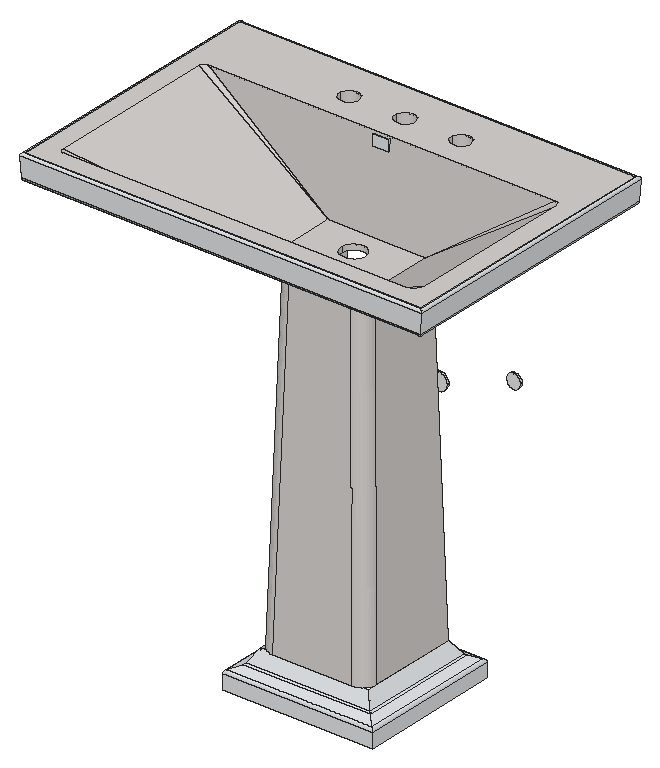
Revit family "Lavatory-TOTO-Contemporary-Lloyd-LPT930.8", category Plumbing Fixtures, host Face, Revit 2013
Parameters
  ecoScorecard_data = "http://toto.ecoscorecard.com/product/LPT930"
  ecoScorecard Product Page = "http://toto.ecoscorecard.com/product/LPT930"
  Width = 28 3/4"
  Waste Connection Radius = 5/8"
  Warranty URL = "http://www.totousa.com/warranty-registration"
  Warranty = "One Year Limited Warranty"  # constant formula
  URL = "http://www.totousa.com"
  Toto BIM Number = "BM-00347"  # constant formula
  Subcategory = "Lavatories"  # constant formula
  Style = "Contemporary"  # constant formula
  Spec Sheet URL = "http://assets.totousa.com/product-files/SS-00279_LPT930.pdf"
  Sink Type = ""
  Sink Configuration = ""
  Shipping Weight = 53.00 lbf
  Series = "Lloyd"  # constant formula
  SanoGloss Available = no
  Sanitary Connector = "Sanitary Connection"  # constant formula
  Product Page URL = " "
  Parts Manual URL = " "
  Mounting = ""
  Model = "LPT930.8"
  Material = "Fired clay china"
  Manufacturer Phone - Toll Free = "1-888-295-8134"  # constant formula
  Manufacturer Phone = "(770) 282-8686"  # constant formula
  Manufacturer Fax = "(770) 282-0002"  # constant formula
  Manufacturer Email = "mailto:custservice@totousa.com"
  Manufacturer Address = "1155 Southern Road, Morrow, Georgia 30260"  # constant formula
  Manufacturer = "TOTO USA, Inc."  # constant formula
  Installation URL = " "
  Industry Standards = "Meets and exceeds ASME A112.19.2/CSA B45.1"  # constant formula
  Hot Water Connector = "Hot Water Connection"  # constant formula
  Hot Water Connection Radius = 1/2"
  Height = 34 1/4"
  Finish = Vitreous China - TOTO - 01 Cotton
  Diameter = 0"
  Description = "LloydÂ® Metal Console Lavatory"  # constant formula
  Depth = 19 5/8"
  Default Elevation = 48"
  Cost Info = "mailto:custservice@totousa.com "
  Color Availability = "#01 Cotton, #03 Bone, #11 Colonial White, #12 Sedona Beige, #51 Ebony"  # constant formula
  Cold Water Connector = "Cold Water Connection"  # constant formula
  Cold Water Connection Radius = 1/2"
  Code Compliance = "UPC, IPC, NSPC, NPC Canada, and others"  # constant formula
  Certifications = "IAPMO(cUPC), State of Massachusetts, City of Los Angeles, and others"  # constant formula
  CAD Drawing URL = "http://assets.totousa.com/product-files/AD-00238_LPT930.dxf"
  Basin Width = 26 3/8"
  Basin Diameter = 0"
  Basin Depth = 13 1/4"
  Assembly Code = "D2010310"
  ADA Compliant = no
  95 CSI = "15410"  # constant formula
  04 CSI = "22 42 16"  # constant formula
Types (2): name | ecoScorecard_data | ecoScorecard Product Page
  (no name) | "http://toto.ecoscorecard.com/product/LPT930" | "http://toto.ecoscorecard.com/product/LPT930"
  LPT930.8 | " " | "  "
Reference planes
  plane 1 "Center (Front/Back)": y = 0
  plane 2: z = 0
  plane 3 "Center (Left/Right)": x = 0
  plane 4: x = -365.125
  plane 5: x = 365.125
  plane 6: y = 193.675
  plane 7: y = -304.8
  plane 8: z = 869.95
Dimensions and locks
  equal spacing: plane 4, plane 3 "Center (Left/Right)", plane 5
  "Width": plane 4 to plane 5
  "Depth": plane 6 to plane 7
  "Height": plane 8 to level
  aligned and locked: plane 2 to host face
  aligned and locked: level to host face
  aligned and locked: plane 3 "Center (Left/Right)" to nested 1
  aligned and locked: plane 1 "Center (Front/Back)" to nested 1
Automatic sketch dimensions
  host sketch curve to host sketch curve = 96"  (x2)
Nested families
  nested 1: "930" at (0, 0, 0), type "930"
Connectors
  piping at (-136.525, 193.675, 457.2), driven by "Cold Water Connection Radius", driven by "Cold Water Connector"
    settings: on nested 1, index 1, connector radius 1/2", flow factor 0, pipe flow 0 GPM, pressure drop 0.00 psi, fitting loss kfactor 0, connector angle 0.00°, fixture units 0, engagement length 0", flow configuration 3, flow direction 1, fitting loss method 4, system type 20, joint type 0, gender type 0, connector reference index -1, connector utility 0, adjustable connector no, is connector primary yes, fitting loss table "", connector description "Cold Water Connection"
  piping at (136.525, 193.675, 457.2), driven by "Hot Water Connection Radius", driven by "Hot Water Connector"
    settings: on nested 1, index 2, connector radius 1/2", flow factor 0, pipe flow 0 GPM, pressure drop 0.00 psi, fitting loss kfactor 0, connector angle 0.00°, fixture units 0, engagement length 0", flow configuration 3, flow direction 1, fitting loss method 4, system type 19, joint type 0, gender type 0, connector reference index -1, connector utility 0, adjustable connector no, is connector primary no, fitting loss table "", connector description "Hot Water Connection"
  piping at (0, 193.675, 409.575), driven by "Waste Connection Radius", driven by "Sanitary Connector"
    settings: on nested 1, index 3, connector radius 5/8", flow factor 0, pipe flow 0 GPM, pressure drop 0.00 psi, fitting loss kfactor 0, connector angle 0.00°, fixture units 0, engagement length 0", flow configuration 3, flow direction 2, fitting loss method 4, system type 16, joint type 0, gender type 0, connector reference index -1, connector utility 0, adjustable connector no, is connector primary no, fitting loss table "", connector description "Sanitary Connection"
Definition of nested family "930"
  Parameters (values of type "930")
    Width = 28 3/4"
    URL = ""
    Finish = Ceramic - TOTO - 03 Bone
    Pipe Offset = 4"
    Manufacturer = ""
    Height = 0"
    Description = ""
    Depth = 0"
    Default Elevation = 0"
    Assembly Code = ""
  Reference planes
    plane 1 "Center (Front/Back)": y = 0
    plane 2: z = 0
    plane 3 "Center (Left/Right)": x = 0
    plane 4: x = 365.125
    plane 5: x = -365.125
    plane 6: y = 193.675
    plane 7: y = -304.8
    plane 8: y = -274.638
    plane 9: y = 61.912
    plane 10: x = -334.962
    plane 11: x = 334.866
    plane 12: x = 334.963
    plane 13: x = -91.036
    plane 14: x = 91.036
    plane 15: y = 89.846
    plane 16: y = -89.846
    plane 17: x = -73.821
    plane 18: x = 73.821
    plane 19: y = 74.495
    plane 20: y = -71.955
    plane 21: x = 107.999
    plane 22: x = -107.999
    plane 23: y = 108.543
    plane 24: y = -109.392
    plane 25: x = 136.179
    plane 26: x = -136.179
    plane 27: y = 130.543
    plane 28: y = -129.454
    plane 29: z = 869.95
    plane 30: x = -50.8
    plane 31: x = 50.8
    plane 32: z = 409.575
    plane 33: z = 457.2
    plane 34: x = -136.525
    plane 35: x = 136.525
    plane 36: y = 190.5
  Forms (mm)
    Extrusion 1, solid
      sketch origin (0, 0, 0) x (1, 0, 0) y (0, 1, 0)
        loop
          line (-1219.2, 1219.2) -> (-1219.2, -1219.2) -> (1219.2, -1219.2) -> (1219.2, 1219.2) -> (-1219.2, 1219.2)
      from 0 to -304.8
    SweptBlend 2, solid, material "Ceramic - TOTO - 03 Bone", detail levels medium+fine
      path origin (0, 0, 0) x (1, 0, 0) y (0, 0, 1)
        loop
          line (0, 64.999) -> (0, 702.992)
      profile origin (0, 0, 64.999) x (-1, 0, 0) y (0, -1, 0)
        loop
          line (-71.986, 89.846) -> (71.986, 89.846)
          arc (71.986, 89.846) -> (85.456, 84.266) -> (91.036, 70.796) r 19.05
          line (91.036, 70.796) -> (91.036, -89.846) -> (97.386, -89.846) -> (97.386, 70.796)
          arc (97.386, 70.796) -> (89.946, 88.756) -> (71.986, 96.196) r 25.4
          line (71.986, 96.196) -> (-71.986, 96.196)
          arc (-71.986, 96.196) -> (-89.946, 88.756) -> (-97.386, 70.796) r 25.4
          line (-97.386, 70.796) -> (-97.386, -89.846) -> (-91.036, -89.846) -> (-91.036, 70.796)
          arc (-91.036, 70.796) -> (-85.456, 84.266) -> (-71.986, 89.846) r 19.05
      end profile origin (0, 0, 702.992) x (-1, 0, 0) y (0, -1, 0)
        loop
          arc (54.771, 71.955) -> (68.242, 66.375) -> (73.821, 52.905) r 19.05
          line (73.821, 52.905) -> (73.821, -74.495) -> (80.171, -74.495) -> (80.171, 52.905)
          arc (80.171, 52.905) -> (72.732, 70.865) -> (54.771, 78.305) r 25.4
          line (54.771, 78.305) -> (-54.771, 78.305)
          arc (-54.771, 78.305) -> (-72.732, 70.865) -> (-80.171, 52.905) r 25.4
          line (-80.171, 52.905) -> (-80.171, -74.495) -> (-73.821, -74.495) -> (-73.821, 52.905)
          arc (-73.821, 52.905) -> (-68.242, 66.375) -> (-54.771, 71.955) r 19.05
          line (-54.771, 71.955) -> (54.771, 71.955)
    Sweep 3, solid, material "Ceramic - TOTO - 03 Bone" <- "Finish", detail levels medium+fine
      path origin (0, 0, 0) x (1, 0, 0) y (0, 1, 0)
        loop
          line (-136.179, -129.454) -> (136.179, -129.454) -> (136.179, 130.543) -> (-136.179, 130.543) -> (-136.179, -129.454)
      profile origin (-136.179, 0.544, 0) x (-1, 0, 0) y (0, 0, 1)
        loop
          line (0, 0) -> (0, 25.448)
          arc (0, 25.448) -> (-1.132, 29.264) -> (-4.16, 31.846) r 7
          line (-4.16, 31.846) -> (-20.596, 39.14)
          arc (-20.596, 39.14) -> (-22.36, 40.215) -> (-23.79, 41.706) r 8
          line (-23.79, 41.706) -> (-38.793, 64.999) -> (-38.793, 0) -> (0, 0)
    Blend 4, void
      base sketch origin (1.587, -52.504, 3.437) x (1, 0, 0) y (0, 1, 0)
        loop
          line (-79.536, -27.899) -> (77.72, -27.899)
          arc (77.72, -27.899) -> (84.668, -25.021) -> (87.545, -18.073) r 9.825
          line (87.545, -18.073) -> (87.545, 101.116) -> (-89.359, 101.116) -> (-89.359, -18.076)
          arc (-89.359, -18.076) -> (-86.482, -25.022) -> (-79.536, -27.899) r 9.823
      top sketch origin (1.587, -52.504, 3.437) x (1, 0, 0) y (0, 1, 0)
        loop
          arc (310.565, -222.134) -> (326.694, -215.453) -> (333.375, -199.324) r 22.81
          line (333.375, -199.324) -> (333.375, 104.81)
          arc (333.375, 104.81) -> (330.561, 111.602) -> (323.769, 114.416) r 9.606
          line (323.769, 114.416) -> (-326.944, 114.416)
          arc (-326.944, 114.416) -> (-333.736, 111.602) -> (-336.55, 104.81) r 9.606
          line (-336.55, 104.81) -> (-336.55, -212.114)
          arc (-336.55, -212.114) -> (-333.615, -219.199) -> (-326.53, -222.134) r 10.02
          line (-326.53, -222.134) -> (310.565, -222.134)
      from 701.112 to 873.91
    Extrusion 5, void
      sketch origin (0.397, -52.107, 3.437) x (1, 0, 0) y (0, 1, 0)
        loop
          circle (-0.907, 50.141) r 22.062
      from 645 to 737.553
    Extrusion 6, void
      sketch origin (0, -62.029, 3.437) x (1, 0, 0) y (0, 1, 0)
        loop
          circle (0, 176.497) r 17.549
        loop
          circle (-101.6, 176.497) r 17.549
        loop
          circle (101.6, 176.497) r 17.549
      from 828.251 to 873.91
    Extrusion 7, solid, material "Ceramic - TOTO - 03 Bone", detail levels medium+fine
      sketch origin (0, 181.848, 846.397) x (1, 0, 0) y (0, 0, 1)
        loop
          line (-360.04, 23.678) -> (-359.197, -21.322) -> (359.197, -21.322) -> (360.04, 23.678) -> (-360.04, 23.678)
      from -6.741 to 481.563
    Extrusion 8, solid, material "Ceramic - TOTO - 03 Bone", detail levels medium+fine
      sketch origin (0, 0, -7.917) x (0, 1, 0) y (0, 0, 1)
        loop
          arc (-93.638, 704.279) -> (-91.89, 703.322) -> (-89.925, 702.992) r 6
          line (-89.925, 702.992) -> (74.495, 702.992)
          arc (74.495, 702.992) -> (76.442, 708.799) -> (77.431, 714.844) r 38
          line (77.431, 714.844) -> (79.389, 738.833) -> (161.039, 738.833)
          arc (161.039, 738.833) -> (164.462, 737.478) -> (166.029, 734.148) r 5
          line (166.029, 734.148) -> (167.405, 712.362)
          arc (167.405, 712.362) -> (170.54, 705.701) -> (177.385, 702.992) r 10
          line (177.385, 702.992) -> (185.422, 702.992) -> (188.589, 712.082) -> (188.589, 832.992) -> (-256.377, 832.992)
          arc (-256.377, 832.992) -> (-255.813, 832.178) -> (-255.099, 831.491) r 5
          line (-255.099, 831.491) -> (-93.638, 704.279)
      from -311.339 to 311.406
    Extrusion 9, void
      sketch origin (0, 0, -7.917) x (1, 0, 0) y (0, 0, 1)
        loop
          line (-85.586, 699.817) -> (-311.339, 834.385) -> (-311.339, 699.817) -> (-85.586, 699.817)
        loop
          line (85.586, 699.817) -> (311.406, 699.817) -> (311.406, 834.425) -> (85.586, 699.817)
      from -193.675 to 256.377
    Sweep 10, solid, material "Ceramic - TOTO - 03 Bone" <- "Finish", detail levels medium+fine
      path origin (0, 0, -7.917) x (1, 0, 0) y (0, 1, 0)
        loop
          line (-365.125, 193.675) -> (-365.125, -304.8) -> (365.125, -304.8) -> (365.125, 193.675) -> (-365.125, 193.675)
      profile origin (-365.125, -55.563, -7.917) x (1, 0, 0) y (0, 0, 1)
        loop
          arc (1.933, 836.792) -> (3.172, 834.094) -> (5.928, 832.992) r 4
          line (5.928, 832.992) -> (5.086, 877.983)
          arc (5.086, 877.983) -> (1.472, 876.432) -> (0.106, 872.745) r 4.986
          line (0.106, 872.745) -> (1.933, 836.792)
    Extrusion 11, solid, material "Ceramic - TOTO - 03 Bone" <- "Finish", detail levels coarse
      sketch origin (0, 0, 0) x (1, 0, 0) y (0, 1, 0)
        loop
          line (-365.125, 193.675) -> (-365.125, -304.8) -> (365.125, -304.8) -> (365.125, 193.675) -> (-365.125, 193.675)
      from 695.074 to 869.95
    Extrusion 12, solid, material "Ceramic - TOTO - 03 Bone" <- "Finish", detail levels coarse
      sketch origin (0, 0, 0) x (1, 0, 0) y (0, 1, 0)
        loop
          line (-136.179, -129.454) -> (136.179, -129.454) -> (136.179, 130.543) -> (-136.179, 130.543) -> (-136.179, -129.454)
      from 41.706 to 0
    Extrusion 13, solid, material "Ceramic - TOTO - 03 Bone" <- "Finish", detail levels coarse
      sketch origin (0, 0, 0) x (1, 0, 0) y (0, 1, 0)
        loop
          line (-112.388, -109.392) -> (112.388, -109.392) -> (112.388, 108.543) -> (-112.388, 108.543) -> (-112.388, -109.392)
      from 41.706 to 695.074
    Extrusion 14, solid, material "Ceramic - TOTO - 03 Bone" <- "Finish", detail levels fine
      sketch origin (0, 0, 0) x (1, 0, 0) y (0, 1, 0)
        loop
          line (14.397, 61.353) -> (-14.397, 61.353) -> (-14.397, 58.653) -> (14.397, 58.653) -> (14.397, 61.353)
      from 845.975 to 865.299
    Extrusion 15, solid, material "Ceramic - TOTO - 03 Bone" <- "Finish"
      sketch origin (0, 0, 0) x (1, 0, 0) y (0, 0, 1)
        loop
          circle (0, 409.575) r 15.875
        loop
          circle (-136.525, 457.2) r 12.7
        loop
          circle (136.525, 457.2) r 12.7
      from -193.675 to -190.5
  Cuts and joins
    Extrusion 5 cuts SweptBlend 2
    Blend 4, Extrusion 6 cuts Extrusion 7
    Blend 4, Extrusion 5, Extrusion 9 cuts Extrusion 8
    joined: SweptBlend 2, Extrusion 7, Extrusion 8
    Blend 4 cuts Sweep 10
  Lines and regions (mm)
    symbolic lines
      curve 1: line (-365.125, 193.675, 0) -> (-365.125, -304.8, 0)
      curve 2: line (-365.125, 193.675, 0) -> (365.125, 193.675, 0)
      curve 3: line (365.125, 193.675, 0) -> (365.125, -304.8, 0)
      curve 4: line (-365.125, -304.8, 0) -> (365.125, -304.8, 0)
      curve 30: line (136.179, 0, 0) -> (-136.179, 0, 0)
      curve 55: line (-360.192, 0, 869.95) -> (360.293, 0, 869.95)
      curve 66: line (0, 130.543, 0) -> (0, -129.454, 0)
      curve 101: line (0, 187.325, 869.95) -> (0, -299.872, 869.95)
    symbolic lines, detail levels medium+fine
      curve 5: line (-314.549, -266.464, 0) -> (302.354, -266.464, 0)
      curve 6: arc (302.354, -266.464, 0) -> (318.096, -259.943, 0) -> (324.617, -244.2, 0) r 22.264
      curve 7: arc (324.617, 52.151, 0) -> (321.922, 58.658, 0) -> (315.415, 61.353, 0) r 9.202
      curve 8: line (315.415, 61.353, 0) -> (-315.358, 61.353, 0)
      curve 9: arc (-315.358, 61.353, 0) -> (-321.865, 58.658, 0) -> (-324.56, 52.151, 0) r 9.202
      curve 10: line (-324.56, 52.151, 0) -> (-324.56, -256.452, 0)
      curve 11: arc (-324.56, -256.452, 0) -> (-321.628, -263.531, 0) -> (-314.549, -266.464, 0) r 10.011
      curve 12: line (-77.949, -80.402, 0) -> (79.307, -80.402, 0)
      curve 13: arc (-87.771, -70.58, 0) -> (-84.894, -77.525, 0) -> (-77.949, -80.402, 0) r 9.823
      curve 14: line (-87.771, 48.612, 0) -> (-87.771, -70.58, 0)
      curve 15: line (89.133, 48.612, 0) -> (-87.771, 48.612, 0)
      curve 16: line (89.133, -70.577, 0) -> (89.133, 48.612, 0)
      curve 17: arc (79.307, -80.402, 0) -> (86.255, -77.524, 0) -> (89.133, -70.577, 0) r 9.825
      curve 18: circle (-0.51, -1.965, 0) r 22.062 normal (0, 0, 1)
      curve 19: circle (0, 114.469, 0) r 17.549 normal (0, 0, 1)
      curve 20: line (324.617, 52.151, 0) -> (324.617, -244.2, 0)
      curve 31: arc (-365.019, 0, 864.827) -> (-363.653, 0, 868.515) -> (-360.039, 0, 870.066) r 4.986
      curve 32: line (-365.019, 0, 864.827) -> (-363.176, 0, 828.559)
      curve 33: spline (-359.203, 0, 825.143) -> (-359.625, 0, 825.095) -> (-360.048, 0, 825.114) -> (-360.466, 0, 825.201) -> (-360.873, 0, 825.354) -> (-361.264, 0, 825.572) -> (-361.635, 0, 825.85) -> (-361.98, 0, 826.187) -> (-362.294, 0, 826.577) -> (-362.575, 0, 827.015) -> (-362.817, 0, 827.495) -> (-363.018, 0, 828.012) -> (-363.176, 0, 828.559)
      curve 34: line (-359.197, 0, 825.075) -> (359.197, 0, 825.075)
      curve 35: arc (359.197, 0, 825.075) -> (361.953, 0, 826.176) -> (363.192, 0, 828.875) r 4
      curve 36: line (363.192, 0, 828.875) -> (365.019, 0, 864.827)
      curve 37: arc (365.019, 0, 864.827) -> (363.653, 0, 868.515) -> (360.039, 0, 870.066) r 4.986
      curve 38: line (309.001, 0, 825.075) -> (90.913, 0, 695.074)
      curve 39: line (-90.913, 0, 695.074) -> (-309.001, 0, 825.075)
      curve 40: line (-90.913, 0, 695.074) -> (90.913, 0, 695.074)
      curve 41: line (-80.374, 0, 695.503) -> (-97.386, 0, 64.999)
      curve 42: line (97.386, 0, 64.999) -> (80.374, 0, 695.503)
      curve 43: line (-97.386, 0, 64.999) -> (-112.388, 0, 41.706)
      curve 44: arc (-112.388, 0, 41.706) -> (-113.819, 0, 40.215) -> (-115.583, 0, 39.14) r 8
      curve 45: line (-115.583, 0, 39.14) -> (-132.018, 0, 31.846)
      curve 46: arc (-132.018, 0, 31.846) -> (-135.047, 0, 29.264) -> (-136.179, 0, 25.448) r 7
      curve 47: line (-136.179, 0, 25.448) -> (-136.179, 0, 0)
      curve 48: line (112.388, 0, 41.706) -> (97.386, 0, 64.999)
      curve 49: arc (112.388, 0, 41.706) -> (113.819, 0, 40.215) -> (115.583, 0, 39.14) r 8
      curve 50: line (132.018, 0, 31.846) -> (115.583, 0, 39.14)
      curve 51: arc (132.018, 0, 31.846) -> (135.047, 0, 29.264) -> (136.179, 0, 25.448) r 7
      curve 52: line (-112.388, 0, 41.706) -> (112.388, 0, 41.706)
      curve 53: line (-97.386, 0, 64.999) -> (97.386, 0, 64.999)
      curve 54: line (136.179, 0, 25.448) -> (136.179, 0, 0)
      curve 67: spline (0, 193.591, 865.267) -> (0, 193.43, 866.011) -> (0, 193.205, 866.721) -> (0, 192.918, 867.385) -> (0, 192.575, 867.994) -> (0, 192.181, 868.537) -> (0, 191.743, 869.006) -> (0, 191.266, 869.394) -> (0, 190.759, 869.694) -> (0, 190.229, 869.902) -> (0, 189.685, 870.014) -> (0, 189.136, 870.029) -> (0, 188.589, 869.947)
      curve 68: line (0, 191.742, 828.875) -> (0, 193.591, 865.267)
      curve 69: arc (0, 187.747, 825.075) -> (0, 190.503, 826.176) -> (0, 191.742, 828.875) r 4
      curve 70: line (0, 188.589, 704.165) -> (0, 188.589, 825.165)
      curve 71: line (0, -299.714, 825.075) -> (0, 187.747, 825.075)
      curve 72: line (0, 185.422, 695.074) -> (0, 188.589, 704.165)
      curve 73: line (0, 177.385, 695.074) -> (0, 185.422, 695.074)
      curve 74: arc (0, 167.405, 704.444) -> (0, 170.54, 697.784) -> (0, 177.385, 695.074) r 10
      curve 75: line (0, 166.029, 726.231) -> (0, 167.405, 704.444)
      curve 76: arc (0, 161.039, 730.916) -> (0, 164.462, 729.561) -> (0, 166.029, 726.231) r 5
      curve 77: line (0, 79.389, 730.916) -> (0, 161.039, 730.916)
      curve 78: line (0, 77.431, 706.926) -> (0, 79.389, 730.916)
      curve 79: arc (0, 74.495, 695.074) -> (0, 76.442, 700.882) -> (0, 77.431, 706.926) r 38
      curve 80: line (0, -89.925, 695.074) -> (0, 74.686, 695.074)
      curve 81: line (0, -257.005, 825.075) -> (0, -93.638, 696.362)
      curve 82: arc (0, -93.638, 696.362) -> (0, -91.89, 695.405) -> (0, -89.925, 695.074) r 6
      curve 83: spline (0, -298.879, 825.143) -> (0, -299.294, 825.095) -> (0, -299.71, 825.115) -> (0, -300.123, 825.203) -> (0, -300.527, 825.358) -> (0, -300.917, 825.578) -> (0, -301.287, 825.859) -> (0, -301.633, 826.199) -> (0, -301.95, 826.592) -> (0, -302.233, 827.034) -> (0, -302.481, 827.519) -> (0, -302.688, 828.04) -> (0, -302.852, 828.59)
      curve 84: line (0, -304.694, 864.827) -> (0, -302.852, 828.59)
      curve 85: arc (0, -304.694, 864.827) -> (0, -303.328, 868.515) -> (0, -299.714, 870.066) r 4.986
      curve 86: line (0, 89.846, 64.999) -> (0, 74.686, 695.074)
      curve 87: line (0, 91.75, 64.999) -> (0, -96.196, 64.999)
      curve 88: line (0, 106.753, 41.706) -> (0, 91.75, 64.999)
      curve 89: line (0, 106.753, 41.706) -> (0, -105.664, 41.706)
      curve 90: arc (0, 106.753, 41.706) -> (0, 108.183, 40.215) -> (0, 109.947, 39.14) r 8
      curve 91: line (0, 126.382, 31.846) -> (0, 109.947, 39.14)
      curve 92: spline (0, 126.376, 31.792) -> (0, 126.884, 31.614) -> (0, 127.377, 31.365) -> (0, 127.851, 31.045) -> (0, 128.301, 30.66) -> (0, 128.722, 30.212) -> (0, 129.109, 29.706) -> (0, 129.459, 29.147) -> (0, 129.769, 28.542) -> (0, 130.034, 27.895) -> (0, 130.253, 27.215) -> (0, 130.423, 26.507) -> (0, 130.543, 25.778)
      curve 93: line (0, 130.543, 0) -> (0, 130.543, 25.778)
      curve 94: line (0, -129.454, 25.448) -> (0, -129.454, 0)
      curve 95: arc (0, -125.294, 31.846) -> (0, -128.322, 29.264) -> (0, -129.454, 25.448) r 7
      curve 96: line (0, -108.858, 39.14) -> (0, -125.294, 31.846)
      curve 97: arc (0, -105.664, 41.706) -> (0, -107.094, 40.215) -> (0, -108.858, 39.14) r 8
      curve 98: line (0, -90.661, 64.999) -> (0, -105.664, 41.706)
      curve 99: line (0, -96.196, 64.999) -> (0, -78.527, 695.074)
      curve 105: circle (-101.6, 114.469, 0) r 17.549 normal (0, 0, 1)
      curve 106: circle (101.6, 114.469, 0) r 17.549 normal (0, 0, -1)
    symbolic lines, detail levels coarse
      curve 21: line (-365.125, 0, 869.95) -> (-365.125, 0, 695.074)
      curve 22: line (-365.125, 0, 869.95) -> (-360.192, 0, 869.95)
      curve 23: line (365.125, 0, 869.95) -> (365.125, 0, 695.074)
      curve 24: line (-365.125, 0, 695.074) -> (365.125, 0, 695.074)
      curve 25: line (112.388, 0, 41.706) -> (112.388, 0, 695.074)
      curve 26: line (-112.388, 0, 695.074) -> (-112.388, 0, 41.706)
      curve 27: line (-136.179, 0, 0) -> (-136.179, 0, 41.706)
      curve 28: line (136.179, 0, 0) -> (136.179, 0, 41.706)
      curve 29: line (136.179, 0, 41.706) -> (-136.179, 0, 41.706)
      curve 56: line (360.293, 0, 869.95) -> (365.125, 0, 869.95)
      curve 57: line (0, 193.675, 869.95) -> (0, 187.325, 869.95)
      curve 58: line (0, 193.675, 695.074) -> (0, 193.675, 869.95)
      curve 59: line (0, -304.8, 695.074) -> (0, -304.8, 869.95)
      curve 60: line (0, -304.8, 695.074) -> (0, 193.675, 695.074)
      curve 61: line (0, -109.392, 695.074) -> (0, -109.392, 41.706)
      curve 62: line (0, 108.543, 41.706) -> (0, 108.543, 695.074)
      curve 63: line (0, 130.543, 41.706) -> (0, -129.454, 41.706)
      curve 64: line (0, -129.454, 0) -> (0, -129.454, 41.706)
      curve 65: line (0, 130.543, 0) -> (0, 130.543, 41.706)
      curve 100: line (0, -299.872, 869.95) -> (0, -304.8, 869.95)
    symbolic lines, detail levels fine
      curve 102: line (-14.397, 61.353, 0) -> (-14.397, 58.653, 0)
      curve 103: line (-14.397, 58.653, 0) -> (14.397, 58.653, 0)
      curve 104: line (14.397, 58.653, 0) -> (14.397, 61.353, 0)
  Dimensions and locks
    equal spacing: plane 5, plane 3 "Center (Left/Right)", plane 4
    "Width": plane 5 to plane 4
    plane 5 to plane 4 = 28 3/4"
    plane 1 "Center (Front/Back)" to plane 6 = 7 5/8"
    plane 6 to plane 7 = 19 5/8"
    plane 10 to plane 12 = 26 3/8"
    plane 9 to plane 8 = 13 1/4"
    plane 29 to plane 2 = 34 1/4"
    plane 32 to level = 16 1/8"
    plane 33 to level = 18"
    plane 3 "Center (Left/Right)" to plane 34 = 5 3/8"
    plane 6 to plane 36 = 1/8"
    aligned and locked: plane 2 to Extrusion 1
    aligned and locked: level to Extrusion 1
  Automatic sketch dimensions
    Extrusion 1 sketch curve to Extrusion 1 sketch curve = 96"  (x2)
    SweptBlend 2 sketch curve to plane 3 "Center (Left/Right)" = 0"
    level to SweptBlend 2 sketch curve = 2.55902"
    SweptBlend 2 sketch curve to plane 29 = 6.57317"
    SweptBlend 2 sketch curve to SweptBlend 2 sketch curve = 0"  (x8)
    profile plane to SweptBlend 2 sketch curve = 3.83408"
    SweptBlend 2 sketch curve to SweptBlend 2 sketch curve = 1/4"  (x2)
    SweptBlend 2 sketch curve to SweptBlend 2 sketch curve = 3/4"  (x2)
    SweptBlend 2 sketch curve to profile plane = 2.83408"
    SweptBlend 2 sketch curve to profile plane = 3.58408"
    SweptBlend 2 sketch curve to plane 1 "Center (Front/Back)" = 3.53723"  (x2)
    plane 1 "Center (Front/Back)" to SweptBlend 2 sketch curve = 2.78723"
    profile plane to SweptBlend 2 sketch curve = 3.15636"
    SweptBlend 2 sketch curve to profile plane = 2.15636"
    SweptBlend 2 sketch curve to profile plane = 2.90636"
    SweptBlend 2 sketch curve to plane 1 "Center (Front/Back)" = 2.93288"  (x2)
    plane 1 "Center (Front/Back)" to SweptBlend 2 sketch curve = 2.08286"
    Sweep 3 sketch curve to plane 26 = 0"
    Sweep 3 sketch curve to plane 25 = 0"
    Sweep 3 sketch curve to plane 28 = 0"
    Sweep 3 sketch curve to plane 27 = 0"
    Sweep 3 sketch curve to level = 0"
    Sweep 3 sketch curve to profile plane = 0"
    profile plane to Sweep 3 sketch curve = 0.1638"
    profile plane to Sweep 3 sketch curve = 0.27559"
    profile plane to Sweep 3 sketch curve = 0.68309"
    Sweep 3 sketch curve to Sweep 3 sketch curve = 0.12776"
    Sweep 3 sketch curve to Sweep 3 sketch curve = 0.12577"
    profile plane to Sweep 3 sketch curve = 1.52728"
    level to Sweep 3 sketch curve = 1.00188"
    Sweep 3 sketch curve to Sweep 3 sketch curve = 0.28716"
    Sweep 3 sketch curve to Sweep 3 sketch curve = 0.10101"
    Sweep 3 sketch curve to Sweep 3 sketch curve = 0.91707"
    Blend 4 sketch curve to plane 13 = 0.12852"
    plane 20 to Blend 4 sketch curve = 0.05414"
    Blend 4 sketch curve to plane 17 = 0.16248"
    plane 20 to Blend 4 sketch curve = 0.05425"
    plane 18 to Blend 4 sketch curve = 0.21598"
    Blend 4 sketch curve to plane 9 = 0.52363"
    Blend 4 sketch curve to plane 10 = 0"
    Blend 4 sketch curve to plane 9 = 0"
    Blend 4 sketch curve to plane 8 = 0"
    Blend 4 sketch curve to plane 12 = 0"
    Blend 4 sketch curve to Blend 4 sketch curve = 0.3782"
    plane 10 to Blend 4 sketch curve = 0.39447"
    plane 11 to Blend 4 sketch curve = 0.89423"
    plane 11 to Blend 4 sketch curve = 0.3744"
    Extrusion 5 sketch curve to plane 3 "Center (Left/Right)" = 0.02007"
    plane 1 "Center (Front/Back)" to Extrusion 5 sketch curve = 0.07738"
    plane 29 to Extrusion 7 sketch curve = 0.00492"
    Extrusion 7 sketch curve to plane 5 = 0.20021"
    Extrusion 7 sketch curve to plane 5 = 0.2334"
    Extrusion 7 sketch curve to plane 4 = 0.2334"
    Extrusion 7 sketch curve to plane 4 = 0.20021"
    Extrusion 7 sketch curve to plane 29 = 1.76674"
    plane 10 to Extrusion 9 sketch curve = 0.93008"
    Extrusion 9 sketch curve to plane 13 = 0.21453"
    plane 14 to Extrusion 9 sketch curve = 0.21453"
    plane 11 to Extrusion 9 sketch curve = 0.92364"
    Extrusion 9 sketch curve to plane 29 = 7.00986"
    Extrusion 9 sketch curve to Extrusion 9 sketch curve = 0"
    Extrusion 9 sketch curve to plane 29 = 1.71188"
    Extrusion 9 sketch curve to plane 29 = 1.7103"
    Sweep 10 sketch curve to plane 5 = 0"
    Sweep 10 sketch curve to plane 4 = 0"
    Sweep 10 sketch curve to plane 7 = 0"
    Sweep 10 sketch curve to plane 6 = 0"
    Sweep 10 sketch curve to profile plane = 0.00419"
    Sweep 10 sketch curve to profile plane = 0.07612"
    Sweep 10 sketch curve to Sweep 10 sketch curve = 0.19603"
    Sweep 10 sketch curve to Sweep 10 sketch curve = 0.15728"
    profile plane to Sweep 10 sketch curve = 32.79496"
    Sweep 10 sketch curve to Sweep 10 sketch curve = 0.14959"
    Sweep 10 sketch curve to Sweep 10 sketch curve = 1.41547"
    Sweep 10 sketch curve to Sweep 10 sketch curve = 0.00996"
    Extrusion 8 sketch curve to plane 19 = 0"
    Extrusion 8 sketch curve to plane 9 = 0.88015"
    plane 16 to Extrusion 8 sketch curve = 0.00311"
    plane 16 to Extrusion 8 sketch curve = 0.1493"
    plane 8 to Extrusion 8 sketch curve = 0.89105"
    Extrusion 8 sketch curve to Extrusion 8 sketch curve = 0.12183"
    Extrusion 8 sketch curve to Extrusion 8 sketch curve = 0.0503"
    plane 19 to Extrusion 8 sketch curve = 0.11558"
    plane 19 to Extrusion 8 sketch curve = 0.19268"
    Extrusion 8 sketch curve to Extrusion 8 sketch curve = 0.19646"
    Extrusion 8 sketch curve to Extrusion 8 sketch curve = 0.05416"
    Extrusion 8 sketch curve to Extrusion 8 sketch curve = 0.39292"
    Extrusion 8 sketch curve to Extrusion 8 sketch curve = 81/256"
    Extrusion 8 sketch curve to plane 6 = 0.20022"
    Extrusion 8 sketch curve to plane 6 = 0.32491"
    Extrusion 8 sketch curve to plane 29 = 6.88486"
    Extrusion 8 sketch curve to Extrusion 8 sketch curve = 0.05067"
    Extrusion 8 sketch curve to Extrusion 8 sketch curve = 0.35788"
    Extrusion 8 sketch curve to Extrusion 8 sketch curve = 0.36889"
    Extrusion 8 sketch curve to Extrusion 8 sketch curve = 0.46662"
    Extrusion 8 sketch curve to Extrusion 8 sketch curve = 0.84534"
    Extrusion 8 sketch curve to Extrusion 8 sketch curve = 0.0124"
    Extrusion 8 sketch curve to plane 29 = 1.82585"
    Extrusion 8 sketch curve to Extrusion 8 sketch curve = 0.05911"
    Extrusion 8 sketch curve to Extrusion 8 sketch curve = 0.46661"
    Extrusion 11 sketch curve to plane 7 = 0"
    Extrusion 11 sketch curve to plane 5 = 0"
    Extrusion 11 sketch curve to plane 6 = 0"
    plane 4 to Extrusion 11 sketch curve = 0"
    Extrusion 12 sketch curve to plane 28 = 0"
    Extrusion 12 sketch curve to plane 26 = 0"
    Extrusion 12 sketch curve to plane 25 = 0"
    Extrusion 12 sketch curve to plane 27 = 0"
    Extrusion 13 sketch curve to plane 24 = 0"
    plane 22 to Extrusion 13 sketch curve = 0.17282"
    Extrusion 13 sketch curve to plane 21 = 0.17282"
    Extrusion 13 sketch curve to plane 23 = 0"
    plane 5 to curve 21 = 0"
    curve 27 to level = 0"
    plane 26 to curve 27 = 0"
    curve 28 to plane 25 = 0"
    curve 23 to plane 4 = 0"
    curve 22 to plane 29 = 0"
    curve 31 to plane 5 = 0.00419"
    curve 32 to plane 5 = 0.07675"
    plane 29 to curve 31 = 0.00457"
    curve 31 to plane 5 = 0.20022"
    curve 33 to curve 33 = 0.13399"
    curve 32 to curve 33 = 0.13849"
    curve 33 to curve 33 = 0.02242"
    curve 33 to curve 34 = 0.00024"
    plane 10 to curve 39 = 1.02211"
    curve 45 to plane 26 = 0.1638"
    curve 47 to curve 46 = 0.27559"
    plane 22 to curve 44 = 0.42635"
    plane 22 to curve 44 = 0.29859"
    curve 45 to curve 26 = 0.12577"
    curve 52 to curve 26 = 0"
    curve 44 to curve 52 = 0"
    plane 13 to curve 41 = 1/4"
    curve 40 to plane 13 = 0.00483"
    curve 39 to curve 40 = 0"
    curve 41 to plane 17 = 0.25795"
    plane 18 to curve 42 = 0.25795"
    plane 14 to curve 38 = 0.00483"
    curve 40 to curve 38 = 0"
    curve 53 to plane 14 = 1/4"
    curve 52 to plane 21 = 0.17282"
    curve 49 to curve 52 = 0"
    curve 25 to plane 21 = 0.17282"
    curve 49 to curve 50 = 0.12577"
    curve 52 to curve 49 = 0.25353"
    plane 25 to curve 51 = 0.27559"
    plane 25 to curve 50 = 0.1638"
    plane 11 to curve 38 = 1.01831"
    curve 34 to plane 4 = 0.2334"
    curve 37 to plane 4 = 0.20022"
    curve 36 to plane 4 = 0.07612"
    curve 36 to plane 4 = 0.00419"
    level to curve 51 = 1.00188"
    curve 27 to curve 47 = 1.00188"
    curve 46 to curve 47 = 0"
    curve 54 to curve 51 = 0"
    curve 46 to curve 44 = 0.28716"
    curve 51 to curve 50 = 0.28716"
    curve 50 to curve 49 = 0.10101"
    curve 52 to curve 44 = 0"
    curve 25 to curve 48 = 0.91707"
    curve 38 to plane 29 = 6.88486"
    curve 40 to curve 39 = 0"
    curve 39 to curve 41 = 0.01687"
    curve 38 to curve 42 = 0.01687"
    curve 38 to plane 29 = 1.76674"
    curve 34 to curve 33 = 0.00075"
    curve 34 to curve 33 = 0.00267"
    curve 35 to curve 36 = 0.14959"
    curve 36 to plane 29 = 0.20168"
    curve 31 to plane 29 = 0.20168"
    curve 37 to plane 29 = 0.19171"
    curve 22 to curve 31 = 0.00599"
    curve 37 to curve 55 = 0.00999"
    curve 100 to plane 7 = 0"
    curve 64 to level = 0"
    curve 64 to plane 28 = 0"
    curve 61 to plane 24 = 0"
    curve 79 to plane 19 = 0"
    curve 86 to plane 15 = 0"
    curve 62 to plane 23 = 0"
    curve 66 to plane 27 = 0"
    curve 58 to plane 6 = 0"
    curve 57 to plane 29 = 0"
    plane 7 to curve 84 = 0.00419"
    plane 7 to curve 84 = 0.07668"
    curve 84 to curve 85 = 0.19603"
    curve 84 to curve 71 = 0.12353"
    curve 84 to curve 83 = 0.1345"
    curve 71 to curve 83 = 0.01538"
    curve 83 to curve 83 = 0.01751"
    plane 8 to curve 81 = 0.6942"
    plane 28 to curve 96 = 0.1638"
    plane 28 to curve 95 = 0.27559"
    curve 97 to plane 24 = 0.10674"
    plane 24 to curve 96 = 0.02102"
    plane 24 to curve 97 = 0.14679"
    curve 89 to curve 97 = 0"
    curve 98 to curve 89 = 0"
    plane 16 to curve 87 = 1/4"
    plane 16 to curve 81 = 0.1493"
    plane 16 to curve 98 = 0.0321"
    plane 16 to curve 82 = 0.00311"
    curve 80 to curve 82 = 0"
    curve 99 to plane 20 = 0.25874"
    curve 79 to plane 9 = 0.88015"
    plane 19 to curve 80 = 0.0075"
    plane 19 to curve 79 = 0.11558"
    plane 19 to curve 78 = 0.19268"
    curve 86 to curve 87 = 0.07497"
    curve 89 to curve 62 = 0.07049"
    curve 88 to curve 89 = 0"
    curve 90 to curve 89 = 0"
    plane 23 to curve 91 = 0.05528"
    plane 23 to curve 90 = 0.18304"
    curve 92 to plane 27 = 0.2046"
    curve 92 to plane 27 = 0.20042"
    curve 92 to curve 92 = 0.04053"
    curve 92 to curve 91 = 0.00027"
    plane 27 to curve 76 = 1.20064"
    curve 76 to curve 76 = 0.19646"
    curve 76 to curve 75 = 0.05416"
    curve 75 to curve 74 = 0.39292"
    curve 73 to curve 73 = 81/256"
    curve 69 to plane 6 = 0.2334"
    curve 67 to plane 29 = 0.00013"
    curve 67 to plane 6 = 0.20022"
    curve 72 to plane 6 = 0.20022"
    plane 29 to curve 67 = 0.00335"
    curve 67 to curve 67 = 0.02874"
    curve 67 to plane 6 = 0.17097"
    curve 69 to plane 6 = 0.07612"
    curve 68 to plane 6 = 0.00331"
    level to curve 92 = 0.96552"
    curve 64 to curve 95 = 1.00188"
    curve 94 to curve 95 = 0"
    curve 92 to curve 92 = 0.04937"
    curve 92 to curve 91 = 0.00213"
    curve 92 to curve 91 = 0.28406"
    curve 95 to curve 96 = 0.28716"
    curve 96 to curve 97 = 0.10101"
    curve 89 to curve 98 = 0"
    curve 89 to curve 86 = 0.91707"
    curve 61 to plane 29 = 6.88486"
    curve 79 to curve 86 = 0"
    curve 58 to curve 74 = 0"
    curve 82 to curve 81 = 0.05067"
    curve 72 to curve 70 = 0.35788"
    curve 73 to curve 74 = 0.36889"
    curve 80 to curve 79 = 0.46662"
    curve 74 to curve 76 = 0.84534"
    curve 76 to curve 76 = 0.0124"
    curve 71 to curve 67 = 1.52605"
    curve 71 to curve 83 = 0.00075"
    curve 83 to curve 83 = 0.00192"
    curve 69 to curve 70 = 0.00354"
    curve 84 to plane 29 = 0.20168"
    curve 85 to plane 29 = 0.19171"
    curve 101 to curve 85 = 0.00622"
    curve 57 to curve 67 = 0.04978"
    Extrusion 14 sketch curve to plane 9 = 0.02204"
    Extrusion 14 sketch curve to plane 9 = 0.12832"
    Extrusion 14 sketch curve to plane 3 "Center (Left/Right)" = 0.56681"
    plane 3 "Center (Left/Right)" to Extrusion 14 sketch curve = 0.56681"
    Extrusion 15 sketch curve to plane 33 = 0"  (x2)
    plane 34 to Extrusion 15 sketch curve = 0"
    Extrusion 15 sketch curve to plane 3 "Center (Left/Right)" = 0"
    Extrusion 15 sketch curve to plane 35 = 0"
    Extrusion 15 sketch curve to plane 32 = 0"
    Extrusion 6 sketch curve to plane 3 "Center (Left/Right)" = 0"
    Extrusion 6 sketch curve to plane 22 = 0.25192"
    plane 21 to Extrusion 6 sketch curve = 0.25192"
    plane 23 to Extrusion 6 sketch curve = 0.2333"  (x3)
    curve 1 to plane 5 = 0"
    curve 19 to plane 3 "Center (Left/Right)" = 0"
    curve 3 to plane 4 = 0"
    curve 1 to plane 7 = 0"
    curve 2 to plane 6 = 0"
    plane 10 to curve 11 = 0.40955"
    curve 9 to plane 9 = 0.02204"
    curve 9 to curve 9 = 0.36228"
    plane 8 to curve 5 = 0.32181"
    curve 10 to curve 5 = 0.39415"
    curve 105 to plane 22 = 0.25192"
    curve 15 to plane 13 = 0.12852"
    curve 13 to plane 17 = 0.16248"
    curve 102 to plane 9 = 0.12832"
    curve 102 to plane 3 "Center (Left/Right)" = 0.56681"
    curve 18 to plane 3 "Center (Left/Right)" = 0.02007"
    plane 3 "Center (Left/Right)" to curve 104 = 0.56681"
    plane 18 to curve 12 = 0.21598"
    plane 14 to curve 17 = 0.07491"
    plane 21 to curve 106 = 0.25192"
    plane 11 to curve 6 = 1.28001"
    plane 11 to curve 8 = 0.76577"
    curve 7 to curve 20 = 0.36228"
    curve 12 to plane 20 = 0.33258"
    plane 1 "Center (Front/Back)" to curve 18 = 0.07738"
    curve 16 to plane 9 = 0.52363"
    plane 23 to curve 105 = 0.2333"
    plane 23 to curve 106 = 0.2333"
    plane 23 to curve 19 = 0.2333"
    radius of Extrusion 5 sketch curve = 0.86859"
    radius of Extrusion 15 sketch curve = 5/8"
    radius of Extrusion 15 sketch curve = 1/2"  (x2)
    radius of Extrusion 6 sketch curve = 0.69092"  (x3)
    radius of curve 18 = 0.86859"
    radius of curve 19 = 0.69092"
    radius of curve 105 = 0.69092"
    radius of curve 106 = 0.69092"
